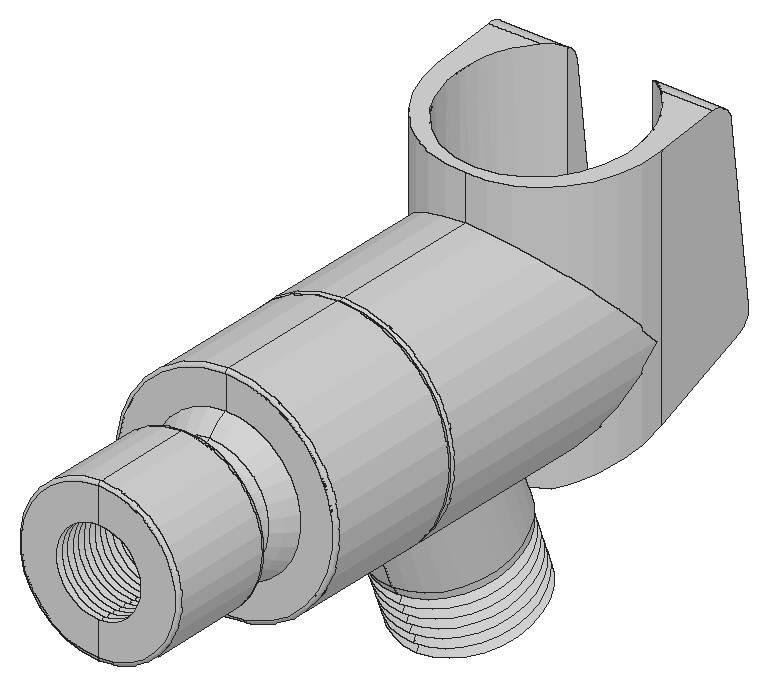
Revit family "VS-129", category Plumbing Fixtures, host Wall, Revit 2023
Family settings
  Host = Wall
  Round Connector Dimension = Use Diameter
  Part Type = Normal
  OmniClass Number = 23.45.00.00
  OmniClass Title = Sanitary, Laundry, and Cleaning Equipment
  Enable Cutting in Views = No
  Always vertical = Yes
  Cut with Voids When Loaded = No
  Maintain Annotation Orientation = No
  Shared = No
  Room Calculation Point = No
Parameters
  Material Finish = Stainless Steel, Polished
  Default Elevation = 0' - 0"
Reference planes (in)
  plane 1: y = 0
  plane 2 "Center (Left/Right)": x = -0.47711
  plane 3 "Back": y = 3
  plane 4: z = 1.03608
Forms (in)
  Revolve 1, solid, material "Stainless Steel, Polished" <- "Material Finish"
    sketch origin (-0.47711, 0, 0) x (0, 1, 0) y (0, 0, 1)
      loop
        arc (3.02018, 0.47198) -> (3.00591, 0.46607) -> (3, 0.4518) r 0.02018
        line (3, 0.4518) -> (3, 0.25) -> (3.01996, 0.2785) -> (3.03991, 0.25) -> (3.05987, 0.2785) -> (3.07982, 0.25) -> (3.09978, 0.2785) -> (3.11973, 0.25) -> (3.13969, 0.2785) -> (3.15964, 0.25) -> (3.1796, 0.2785) -> (3.19956, 0.25) -> (3.21951, 0.2785) -> (3.23947, 0.25) -> (3.25942, 0.2785) -> (3.27938, 0.25) -> (3.29933, 0.2785) -> (3.31929, 0.25) -> (3.33924, 0.2785) -> (3.3592, 0.25) -> (3.37916, 0.2785) -> (3.39911, 0.25) -> (3.41907, 0.2785) -> (3.43902, 0.25) -> (3.45898, 0.2785) -> (3.47893, 0.25) -> (3.49889, 0.2785) -> (3.51884, 0.25) -> (3.54983, 0.29426) -> (3.54983, 0) -> (6.35414, 0) -> (6.35414, 0.65186) -> (4.79424, 0.65186)
        arc (4.79424, 0.65186) -> (4.77964, 0.64581) -> (4.7736, 0.63121) r 0.02064
        arc (4.7736, 0.63121) -> (4.76755, 0.64581) -> (4.75296, 0.65186) r 0.02064
        line (4.75296, 0.65186) -> (3.95199, 0.65186)
        arc (3.95199, 0.65186) -> (3.93745, 0.64583) -> (3.93143, 0.6313) r 0.02056
        line (3.93143, 0.6313) -> (3.93143, 0.43848)
        arc (3.93143, 0.43848) -> (3.86794, 0.39706) -> (3.81138, 0.3466) r 0.50454
        arc (3.81138, 0.3466) -> (3.72615, 0.32742) -> (3.66092, 0.38553) r 0.0956
        line (3.66092, 0.38553) -> (3.63411, 0.45492)
        arc (3.63411, 0.45492) -> (3.62432, 0.4673) -> (3.60923, 0.47198) r 0.02667
        line (3.60923, 0.47198) -> (3.02018, 0.47198)
      axis (6.35414, 0) -> (3, 0)
    angle from 0 to 360
  Revolve 2, solid, material "Stainless Steel, Polished" <- "Material Finish"
    sketch origin (-0.47711, 0, 0) x (0, 1, 0) y (0, 0, 1)
      loop
        line (5.71944, -1.32893) -> (5.53436, -0.86236)
        arc (5.53436, -0.86236) -> (5.34662, -0.93897) -> (5.15797, -1.01334) r 17.09448
        line (5.15797, -1.01334) -> (5.18068, -1.0701) -> (5.23556, -1.07879) -> (5.20585, -1.13239) -> (5.25691, -1.148) -> (5.23076, -1.19517) -> (5.28181, -1.21078) -> (5.25594, -1.25746) -> (5.30699, -1.27307) -> (5.28111, -1.31975) -> (5.33217, -1.33535) -> (5.30614, -1.38231) -> (5.35719, -1.39792) -> (5.33132, -1.4446) -> (5.39452, -1.46392)
        arc (5.39452, -1.46392) -> (5.55665, -1.39564) -> (5.71944, -1.32893) r 18.11091
      axis (5.72153, -1.33421) -> (5.53436, -0.86236)
    angle from 0 to 360
  Revolve 3, solid, material "Stainless Steel, Polished" <- "Material Finish"
    sketch origin (-0.47711, 0, 0) x (0, 1, 0) y (0, 0, 1)
      loop
        line (5.14526, -1.01839) -> (5.53494, -0.86381) -> (5.36469, -0.43462) -> (4.97378, -0.58969) -> (5.14526, -1.01839)
      axis (5.53494, -0.86381) -> (5.36469, -0.43462)
    angle from 0 to 360
  Extrusion 4, solid, material "Stainless Steel, Polished" <- "Material Finish"
    sketch origin (0, 0, 0) x (1, 0, 0) y (0, 1, 0)
      loop
        arc (-1.13336, 6.30456) -> (-0.93828, 5.8559) -> (-0.47711, 5.6926) r 0.61346
        arc (-0.47711, 5.6926) -> (-0.01594, 5.8559) -> (0.17914, 6.30456) r 0.61346
        line (0.17914, 6.30456) -> (0.17914, 6.93756) -> (-0.22711, 6.93756) -> (-0.22711, 6.74789)
        spline (-0.22711, 6.74789) -> (-0.12912, 6.68193) -> (-0.04811, 6.59623) -> (0.01196, 6.49497) -> (0.04816, 6.38308) -> (0.05873, 6.26604) -> (0.04315, 6.14955) -> (0.00219, 6.0393) -> (-0.06217, 5.94066) -> (-0.14678, 5.85845) -> (-0.2475, 5.79669) -> (-0.35943, 5.75839) -> (-0.47711, 5.74541)
        spline (-0.47711, 5.74541) -> (-0.59478, 5.75839) -> (-0.70671, 5.79669) -> (-0.80744, 5.85845) -> (-0.89205, 5.94066) -> (-0.9564, 6.0393) -> (-0.99737, 6.14955) -> (-1.01295, 6.26604) -> (-1.00238, 6.38308) -> (-0.96617, 6.49497) -> (-0.9061, 6.59623) -> (-0.8251, 6.68193) -> (-0.72711, 6.74789)
        line (-0.72711, 6.74789) -> (-0.72711, 6.93756) -> (-1.13336, 6.93756) -> (-1.13336, 6.30456)
    from -0.65182 to 1.05142
  Extrusion 5, void
    sketch origin (-0.47711, 0, 0) x (0, 1, 0) y (0, 0, 1)
      loop
        line (5.67689, 0.91189) -> (6.67737, 1.03498)
        arc (6.67737, 1.03498) -> (6.76603, 1.01042) -> (6.81135, 0.93036) r 0.1202
        line (6.81135, 0.93036) -> (6.93762, -0.09599)
        arc (6.93762, -0.09599) -> (6.92283, -0.16781) -> (6.86753, -0.21598) r 0.11464
        line (6.86753, -0.21598) -> (5.76443, -0.67069) -> (5.77851, -0.70618) -> (7.13715, -0.70618) -> (7.13715, 1.18964) -> (5.65863, 1.06029) -> (5.67689, 0.91189)
    from -1.12252 to 1.07198
  Extrusion 6, void
    sketch origin (0, -0.02105, 0.17111) x (0, 0.992517, 0.122107) y (-1, 0, 0)
      loop
        circle (6.33802, 0.47711) r 0.55751
    from -2.33851 to 0.9712
Cuts and joins
  Extrusion 5, Extrusion 6 cuts Revolve 1
  Extrusion 5 cuts Extrusion 4
Lines and regions (in)
  symbolic lines, not visible
    curve 1: line (-0.47711, 3, 0) -> (-0.47711, 2.59775, -0.40225)
    curve 2: line (-0.47711, 2.59775, -0.40225) -> (-0.47711, 1.84775, -0.40225)
    curve 3: line (-0.47711, 3, 0) -> (-0.47711, 2.94151, -0.15238)
    curve 4: line (-0.47711, 3, 0) -> (-0.47711, 2.84762, -0.05849)
    curve 5: line (-0.47711, 5.72153, -1.33421) -> (-0.47711, 6.17962, -1.79229)
    curve 6: line (-0.47711, 6.17962, -1.79229) -> (-0.47711, 7.13242, -1.79229)
    curve 7: line (-0.47711, 5.72153, -1.33421) -> (-0.47711, 5.87891, -1.33421)
    curve 8: line (-0.47711, 5.72153, -1.33421) -> (-0.47711, 5.72153, -1.49158)
Text (in)
  text "Placement Side" at (-70.3804, 45.82615, 0), in view "Ref. Level"
  text "1/2\"-14 NPT" at (0, 1.84724, -0.06199), in view "Left"
  text "1/2\"-14 NPSM" at (0, 10.65623, -1.49753), in view "Left"
  text "1/2\"-14 NPT" at (0, 1.84724, -0.06199), in view "Right"
  text "1/2\"-14 NPSM" at (0, 10.65623, -1.49753), in view "Right"
Dimensions and locks (in)
  locked: plane 3 "Back" to host wall
  Revolve 2 to plane 4 = 0' - 2 1/2"
  cut or joined group of Extrusion 4, Extrusion 5 to cut or joined group of Extrusion 4, Extrusion 5 = 0' - 1 5/16"
  cut or joined group of Extrusion 4, Extrusion 5 to cut or joined group of Revolve 1, Extrusion 5, Extrusion 6 = 0' - 3.00705"
  cut or joined group of Extrusion 4, Extrusion 5 to cut or joined group of Revolve 1, Extrusion 5, Extrusion 6 = 0' - 3.93756"
  Revolve 2 to Revolve 3 = 0' - 0.50605"  (x2)
  cut or joined group of Revolve 1, Extrusion 5, Extrusion 6 to cut or joined group of Extrusion 4, Extrusion 5 = 0' - 3.93848"
  cut or joined group of Revolve 1, Extrusion 5, Extrusion 6 to cut or joined group of Extrusion 4, Extrusion 5 = 0' - 3.00705"
